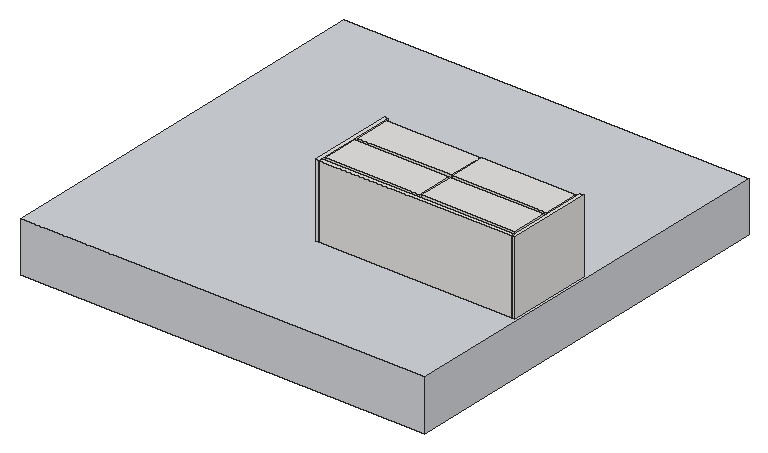
Revit family "IS_ConceptAir_E0822_BIM_GB", category Plumbing Fixtures, host Face, Revit 2014
Parameters (values of type "E0822EQ - 120CM Wall Hung Vanity Unit 4 Drawer Gls Light Grey + Matt White")
  WaterEfficientProduct = no
  WarrantyStartDate [instance] = "1900-12-31T23:59:59"
  WarrantyGuarantorParts = "Productinfo@thebluebook.co.uk"
  WarrantyGuarantorLabor = "n/a"
  WarrantyDurationUnit = "year"
  WarrantyDurationParts = "5"
  WarrantyDurationLabor = "n/a"
  WarrantyDescription = "Manufacturers warranty"
  WRAS = no
  WFU = 0
  VolumeUnits = "Litres"
  Version = "1"
  Uniclass2 = "Pr_40_30_78_04"
  URL = "www.idealspec.co.uk"
  TagNumber [instance] = "n/a"
  TMV3 = no
  SustainabilityPerformance = "n/a"
  Style = "n/a"
  SpareParts = "www.fastpart-spares.co.uk"
  Space = "Internal"
  Size = "517 x 440 x 1200 mm"
  Shape = "Rectangular"
  SerialNumber [instance] = "n/a"
  Revision = "n/a"
  ReplacementCost = "n/a"
  ProductInformation = "www.idealspec.co.uk/assets/datasheet/E0822EQ"
  Phone = "01482 346461"
  NominalWidth = 1200 mm
  NominalLength = 440 mm
  NominalHeight = 517 mm
  NominalDepth = 440 mm
  NettWeight = "0 Kg"
  Name = "Furniture_ConceptAir_E0822EQ_IdealStandard"
  NBSTypeID = "n/a"
  NBSReference = "45-35-72/320"
  NBSOfficeMasterTag = "n/a"
  NBSNote = "n/a"
  NBSDescription = "Bathroom integrated duct work"
  NBSCertification = "n/a"
  ModelReference = Description  # "Concept Air 120 cm Wall Hung Vanity Unit 4 Drawer Gls Light Grey + Matt White"
  ModelNumber = Model  # "E0822EQ"
  Model = "E0822EQ"
  Material = "Laquered MDF"
  ManufacturerURL = "www.idealspec.co.uk"
  Manufacturer = "Productinfo@thebluebook.co.uk"
  MainColour = ISI_IdealStandard_Furniture_Grey_Render
  MainColor = Color  # "Grey"
  LinearUnits = "millimeters"
  Keynote = "n/a"
  InstallationInstructions = "www.idealspec.co.uk/resources.html"
  InstallationDate [instance] = "1900-12-31T23:59:59"
  InnerColour = ISI_IdealStandard_Laminate_White_Render
  IfcExportType = "USERDEFINED"
  IfcExportAs = "IfcFurnitureType"
  HWFU = 0
  GrossWeight = "n/a"
  Grade = "n/a"
  Finish = Color  # "Grey"
  Features = "120 cm Wall Hung Vanity Unit 4 Drawer Gls Light Grey + Matt White"
  ExpectedLife = "30"
  ECA = no
  DurationUnit = "year"
  DistributedBy = "n/a"
  Description = "Concept Air 120 cm Wall Hung Vanity Unit 4 Drawer Gls Light Grey + Matt White"
  Default Elevation = 800 mm
  CurrencyUnit = "n/a"
  CreatedOn = "2016-02-03"
  Cost = 0
  Constituents = "n/a"
  Color = "Grey"
  CodePerformance = "n/a"
  CWFU = 0
  Brand = "IdealStandard"
  BarCode [instance] = "n/a"
  BREEAM = no
  BIMObjectName = "ISI_IdealStandard_Furniture_ConceptAir_E0822EQ"
  Author = "Ideal Standard"
  AssetType = "Fixed"
  AssetIdentifier [instance] = "n/a"
  Assembly Code = "C1030200"
  AreaUnits = "millimeters"
  AreaMeasurement = "n/a"
  Accessories = "www.idealspec.co.uk"
  AccessibilityPerformance = "n/a"
Types (6, lengths in mm): name | ProductInformation | Name | ModelReference | ModelNumber | Model | MainColour | MainColor | InnerColour | Finish | Features | Description | Color | BIMObjectName
  E0822UK - 120CM Wall Hung Vanity Unit 4 Drawer Wood Light Brown + Matt Light Brown | "www.idealspec.co.uk/assets/datasheet/E0822UK" | "Furniture_ConceptAir_E0822UK_IdealStandard" | "Concept Air 120 cm Wall Hung Vanity Unit 4 Drawer Wood Light Brown + Matt Light Brown" | "E0822UK" | "E0822UK" | ISI_IdealStandard_Furniture_WoodLightBrown_Render | "Wood brown" | ISI_IdealStandard_Furniture_WoodLightBrown_Render | "Wood brown" | "120 cm Wall Hung Vanity Unit 4 Drawer Wood Light Brown + Matt Light Brown" | "Concept Air 120 cm Wall Hung Vanity Unit 4 Drawer Wood Light Brown + Matt Light Brown" | "Wood brown" | "ISI_IdealStandard_Furniture_ConceptAir_E0822UK"
  E0822PS - 120CM Wall Hung Vanity Unit 4 Drawer Wood Light Grey + Matt White | "www.idealspec.co.uk/assets/datasheet/E0822PS" | "Furniture_ConceptAir_E0822PS_IdealStandard" | "Concept Air 120 cm Wall Hung Vanity Unit 4 Drawer Wood Light Grey + Matt White" | "E0822PS" | "E0822PS" | ISI_IdealStandard_Furniture_WoodLightGrey_Render | "Wood grey" | ISI_IdealStandard_Laminate_White_Render | "Wood grey" | "120 cm Wall Hung Vanity Unit 4 Drawer Wood Light Grey + Matt White" | "Concept Air 120 cm Wall Hung Vanity Unit 4 Drawer Wood Light Grey + Matt White" | "Wood grey" | "ISI_IdealStandard_Furniture_ConceptAir_E0822PS"
  E0822KN - 120CM Wall Hung Vanity Unit 4 Drawer Gls White + Matt Light Grey | "www.idealspec.co.uk/assets/datasheet/E0822KN" | "Furniture_ConceptAir_E0822KN_IdealStandard" | "Concept Air 120 cm Wall Hung Vanity Unit 4 Drawer Gls White + Matt Light Grey" | "E0822KN" | "E0822KN" | ISI_IdealStandard_Laminate_White_Render | "White" | ISI_IdealStandard_Furniture_Grey_Render | "White" | "120 cm Wall Hung Vanity Unit 4 Drawer Gls White + Matt Light Grey" | "Concept Air 120 cm Wall Hung Vanity Unit 4 Drawer Gls White + Matt Light Grey" | "White" | "ISI_IdealStandard_Furniture_ConceptAir_E0822KN"
  E0822EQ - 120CM Wall Hung Vanity Unit 4 Drawer Gls Light Grey + Matt White | "www.idealspec.co.uk/assets/datasheet/E0822EQ" | "Furniture_ConceptAir_E0822EQ_IdealStandard" | "Concept Air 120 cm Wall Hung Vanity Unit 4 Drawer Gls Light Grey + Matt White" | "E0822EQ" | "E0822EQ" | ISI_IdealStandard_Furniture_Grey_Render | "Grey" | ISI_IdealStandard_Laminate_White_Render | "Grey" | "120 cm Wall Hung Vanity Unit 4 Drawer Gls Light Grey + Matt White" | "Concept Air 120 cm Wall Hung Vanity Unit 4 Drawer Gls Light Grey + Matt White" | "Grey" | "ISI_IdealStandard_Furniture_ConceptAir_E0822EQ"
  E0822B2 - 120CM Wall Hung Vanity Unit 4 Drawer Gls White + Matt White | "www.idealspec.co.uk/assets/datasheet/E0822B2" | "Furniture_ConceptAir_E0822B2_IdealStandard" | "Concept Air 120 cm Wall Hung Vanity Unit 4 Drawer Gls White + Matt White" | "E0822B2" | "E0822B2" | ISI_IdealStandard_Laminate_White_Render | "White" | ISI_IdealStandard_Laminate_White_Render | "White" | "120 cm Wall Hung Vanity Unit 4 Drawer Gls White + Matt White" | "Concept Air 120 cm Wall Hung Vanity Unit 4 Drawer Gls White + Matt White" | "White" | "ISI_IdealStandard_Furniture_ConceptAir_E0822B2"
  E0822VY - 120CM Wall Hung Vanity Unit 4 Drawer Matt Dark Brown + Matt White | "www.idealspec.co.uk/assets/datasheet/E0822VY" | "Furniture_ConceptAir_E0822VY_IdealStandard" | "Concept Air 120 cm Wall Hung Vanity Unit 4 Drawer Gls Dark Brown + Matt White" | "E0822VY" | "E0822VY" | ISI_IdealStandard_Furniture_DarkBrown_Render | "Dark brown" | ISI_IdealStandard_Laminate_White_Render | "Dark brown" | "120 cm Wall Hung Vanity Unit 4 Drawer Matt Dark Brown + Matt White" | "Concept Air 120 cm Wall Hung Vanity Unit 4 Drawer Matt Dark Brown + Matt White" | "Dark brown" | "ISI_IdealStandard_Furniture_ConceptAir_E0822VY"
Reference planes
  plane 1 "Center (Front/Back)": y = 0
  plane 2: z = 0
  plane 3 "Center (Left/Right)": x = 0
  plane 4: x = 1200
  plane 5: y = -517
  plane 6: z = 440
  plane 7: z = 420
  plane 8: x = 20
  plane 9: x = 1180
  plane 10: y = -497
  plane 11: x = 30
  plane 12: x = 1170
  plane 13: y = -477
  plane 14: y = -238.5
  plane 15: y = -258.5
  plane 16: y = -20
  plane 17: z = 400
  plane 18: y = -248.5
  plane 19: x = 600
  plane 20: x = 595
  plane 21: x = 605
Forms (mm)
  Extrusion 1, solid
    sketch origin (0, 0, 0) x (1, 0, 0) y (0, 1, 0)
      loop
        line (-1219.2, 1219.2) -> (-1219.2, -1219.2) -> (1219.2, -1219.2) -> (1219.2, 1219.2) -> (-1219.2, 1219.2)
    from 0 to -304.8
  Extrusion 2, solid, material "ISI_IdealStandard_Furniture_Grey_Render" <- "MainColour"
    sketch origin (-1524, -517, 1219.2) x (-1, 0, 0) y (0, 0, 1)
      loop
        line (-2724, -1219.2) -> (-2704, -1219.2) -> (-2704, -779.2) -> (-2724, -779.2) -> (-2724, -1219.2)
      loop
        line (-1544, -779.2) -> (-1544, -1219.2) -> (-1524, -1219.2) -> (-1524, -779.2) -> (-1544, -779.2)
    from 0 to 517
  Extrusion 3, solid, material "ISI_IdealStandard_Furniture_Grey_Render" <- "MainColour"
    sketch origin (-1524, -517, 1219.2) x (-1, 0, 0) y (0, 0, 1)
      loop
        line (-2704, -779.2) -> (-2704, -1219.2) -> (-1544, -1219.2) -> (-1544, -779.2) -> (-2704, -779.2)
    from 0 to 20
  Extrusion 4, solid, material "ISI_IdealStandard_Laminate_White_Render" <- "InnerColour"
    sketch origin (-1524, -497, 1219.2) x (-1, 0, 0) y (0, 0, 1)
      loop
        line (-2704, -799.2) -> (-2704, -819.2) -> (-1544, -819.2) -> (-1544, -799.2) -> (-2704, -799.2)
    from 0 to 497
  Extrusion 5, solid, material "ISI_IdealStandard_Furniture_Grey_Render" <- "MainColour"
    sketch origin (30, 1524, 1219.2) x (0, 1, 0) y (0, 0, 1)
      loop
        line (-1762.5, -799.2) -> (-1564, -799.2) -> (-1544, -779.2) -> (-1762.5, -779.2) -> (-1762.5, -799.2)
    from 0 to 565
  Extrusion 6, solid, material "ISI_IdealStandard_Furniture_Grey_Render" <- "MainColour"
    sketch origin (30, 1285.5, 1219.2) x (0, 1, 0) y (0, 0, 1)
      loop
        line (-1762.5, -799.2) -> (-1564, -799.2) -> (-1544, -779.2) -> (-1762.5, -779.2) -> (-1762.5, -799.2)
    from 0 to 565
  Extrusion 7, solid, material "ISI_IdealStandard_Furniture_Grey_Render" <- "MainColour"
    sketch origin (1170, 1524, 1219.2) x (0, 1, 0) y (0, 0, -1)
      loop
        line (-1762.5, 799.2) -> (-1762.5, 779.2) -> (-1544, 779.2) -> (-1564, 799.2) -> (-1762.5, 799.2)
    from 0 to 565
  Extrusion 8, solid, material "ISI_IdealStandard_Furniture_Grey_Render" <- "MainColour"
    sketch origin (1170, 1285.5, 1219.2) x (0, 1, 0) y (0, 0, -1)
      loop
        line (-1762.5, 799.2) -> (-1762.5, 779.2) -> (-1544, 779.2) -> (-1564, 799.2) -> (-1762.5, 799.2)
    from 0 to 565
Dimensions and locks
  "NominalHeight": plane 1 "Center (Front/Back)" to plane 5
  "NominalWidth": plane 3 "Center (Left/Right)" to plane 4
  "NominalDepth": plane 6 to plane 2
  locked: plane 6 to plane 7 at 20
  locked: plane 3 "Center (Left/Right)" to plane 8 at 20
  locked: plane 9 to plane 4 at 20
  locked: plane 8 to plane 11 at 10
  locked: plane 12 to plane 9 at 10
  locked: plane 7 to plane 17 at 20
  plane 3 "Center (Left/Right)" to plane 4 = 1200 mm
  locked: plane 16 to plane 1 "Center (Front/Back)" at 20
  plane 13 to plane 10 to plane 5 = 20 mm locked, 20 mm locked
  equal spacing: plane 16, plane 18, plane 13
  plane 15 to plane 18 to plane 14 = 10 mm, 10 mm
  equal spacing: plane 3 "Center (Left/Right)", plane 19, plane 4
  plane 20 to plane 19 to plane 21 = 5 mm locked, 5 mm locked
  aligned and locked: plane 2 to Extrusion 1
  aligned and locked: level to Extrusion 1
  aligned and locked: plane 4 to Extrusion 2 sketch curve
  aligned and locked: plane 6 to Extrusion 2 sketch curve
  aligned and locked: Extrusion 2 sketch curve to plane 9
  aligned and locked: Extrusion 2 sketch curve to plane 6
  aligned and locked: Extrusion 2 sketch curve to plane 8
  aligned and locked: Extrusion 1 to Extrusion 2 sketch curve
  aligned and locked: plane 3 "Center (Left/Right)" to Extrusion 2 sketch curve
  aligned and locked: Extrusion 2 to plane 1 "Center (Front/Back)"
  aligned and locked: Extrusion 2 to plane 5
  aligned and locked: Extrusion 3 sketch curve to Extrusion 2  (x4)
  aligned and locked: plane 10 to Extrusion 3
  aligned and locked: Extrusion 3 to plane 5
  aligned and locked: Extrusion 4 sketch curve to plane 7
  aligned and locked: plane 17 to Extrusion 4 sketch curve
  aligned and locked: plane 6 to Extrusion 5
  aligned and locked: Extrusion 5 to plane 7
  aligned and locked: Extrusion 5 to plane 11
  aligned and locked: Extrusion 2 to Extrusion 5
  aligned and locked: plane 9 to Extrusion 4
  aligned and locked: Extrusion 4 to plane 8
  aligned and locked: Extrusion 4 to plane 10
  aligned and locked: Extrusion 4 to plane 1 "Center (Front/Back)"
  aligned and locked: plane 14 to Extrusion 5
  aligned and locked: plane 20 to Extrusion 5
Automatic sketch dimensions
  Extrusion 1 sketch curve to Extrusion 1 sketch curve = 2438.4 mm  (x2)
  Extrusion 2 sketch curve to level = 0 mm
  Extrusion 2 sketch curve to plane 6 = 0 mm
  Extrusion 4 sketch curve to plane 9 = 0 mm
  Extrusion 4 sketch curve to plane 8 = 0 mm
  Extrusion 5 sketch curve to plane 6 = 0 mm
  Extrusion 5 sketch curve to plane 14 = 0 mm
  Extrusion 5 sketch curve to plane 7 = 0 mm
  Extrusion 5 sketch curve to plane 16 = 0 mm
  Extrusion 5 sketch curve to plane 16 = 20 mm
  Extrusion 6 sketch curve to plane 6 = 0 mm
  Extrusion 6 sketch curve to plane 13 = 0 mm
  Extrusion 6 sketch curve to plane 7 = 0 mm
  Extrusion 6 sketch curve to plane 15 = 0 mm
  Extrusion 6 sketch curve to plane 15 = 20 mm
  Extrusion 7 sketch curve to plane 6 = 0 mm
  Extrusion 7 sketch curve to plane 14 = 0 mm
  Extrusion 7 sketch curve to plane 7 = 0 mm
  Extrusion 7 sketch curve to plane 16 = 0 mm
  Extrusion 7 sketch curve to plane 16 = 20 mm
  Extrusion 8 sketch curve to plane 6 = 0 mm
  Extrusion 8 sketch curve to plane 13 = 0 mm
  Extrusion 8 sketch curve to plane 7 = 0 mm
  Extrusion 8 sketch curve to plane 15 = 0 mm
  Extrusion 8 sketch curve to plane 15 = 20 mm
